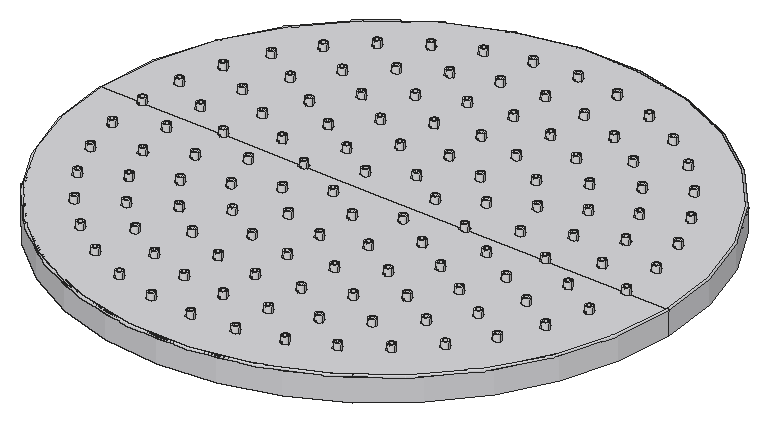
Revit family "Shower-Showerhead-KOHLER-Rainforest-K-18359IN", category Plumbing Fixtures, host Face, Revit 2017 (continued)
Definition of nested family "K-18359IN"
  Lines and regions (in)
    symbolic lines, detail levels medium+fine
      curve 232: arc (2.39412, 1.4176, 0) -> (2.45514, 1.35657, 0) -> (2.51617, 1.4176, 0) r 0.06102
      curve 233: arc (2.37877, 1.4176, 0) -> (2.45514, 1.34122, 0) -> (2.53152, 1.4176, 0) r 0.07638
      curve 234: arc (3.13042, 1.77223, 0) -> (3.06939, 1.83325, 0) -> (3.00837, 1.77223, 0) r 0.06102
      curve 235: arc (3.14577, 1.77223, 0) -> (3.06939, 1.84861, 0) -> (2.99301, 1.77223, 0) r 0.07638
      curve 236: arc (3.03002, 1.77223, 0) -> (3.06939, 1.8116, 0) -> (3.10876, 1.77223, 0) r 0.03937
      curve 237: arc (3.10876, 1.77223, 0) -> (3.06939, 1.73286, 0) -> (3.03002, 1.77223, 0) r 0.03937
      curve 238: arc (3.00837, 1.77223, 0) -> (3.06939, 1.71121, 0) -> (3.13042, 1.77223, 0) r 0.06102
      curve 239: arc (2.99301, 1.77223, 0) -> (3.06939, 1.69585, 0) -> (3.14577, 1.77223, 0) r 0.07638
      curve 240: arc (3.7265, 2.12888, 0) -> (3.68713, 2.08951, 0) -> (3.64776, 2.12888, 0) r 0.03937
      curve 241: arc (3.64776, 2.12888, 0) -> (3.68713, 2.16825, 0) -> (3.7265, 2.12888, 0) r 0.03937
      curve 242: arc (3.74816, 2.12888, 0) -> (3.68713, 2.18991, 0) -> (3.62611, 2.12888, 0) r 0.06102
      curve 243: arc (3.76351, 2.12888, 0) -> (3.68713, 2.20526, 0) -> (3.61076, 2.12888, 0) r 0.07638
      curve 244: arc (3.62611, 2.12888, 0) -> (3.68713, 2.06786, 0) -> (3.74816, 2.12888, 0) r 0.06102
      curve 245: arc (3.61076, 2.12888, 0) -> (3.68713, 2.05251, 0) -> (3.76351, 2.12888, 0) r 0.07638
      curve 246: arc (0.66531, 1.22729, 0) -> (0.70468, 1.26666, 0) -> (0.74405, 1.22729, 0) r 0.03937
      curve 247: arc (0.74405, 1.22729, 0) -> (0.70468, 1.18792, 0) -> (0.66531, 1.22729, 0) r 0.03937
      curve 248: arc (0.7657, 1.22729, 0) -> (0.70468, 1.28831, 0) -> (0.64365, 1.22729, 0) r 0.06102
      curve 249: arc (0.78105, 1.22729, 0) -> (0.70468, 1.30367, 0) -> (0.6283, 1.22729, 0) r 0.07638
      curve 250: arc (0.64365, 1.22729, 0) -> (0.70468, 1.16627, 0) -> (0.7657, 1.22729, 0) r 0.06102
      curve 251: arc (0.6283, 1.22729, 0) -> (0.70468, 1.15091, 0) -> (0.78105, 1.22729, 0) r 0.07638
      curve 252: arc (1.40723, 1.62577, 0) -> (1.36786, 1.5864, 0) -> (1.32849, 1.62577, 0) r 0.03937
      curve 253: arc (1.30683, 1.62577, 0) -> (1.36786, 1.56475, 0) -> (1.42888, 1.62577, 0) r 0.06102
      curve 254: arc (1.29148, 1.62577, 0) -> (1.36786, 1.54939, 0) -> (1.44424, 1.62577, 0) r 0.07638
      curve 255: arc (1.32849, 1.62577, 0) -> (1.36786, 1.66514, 0) -> (1.40723, 1.62577, 0) r 0.03937
      curve 256: arc (1.42888, 1.62577, 0) -> (1.36786, 1.68679, 0) -> (1.30683, 1.62577, 0) r 0.06102
      curve 257: arc (1.44424, 1.62577, 0) -> (1.36786, 1.70215, 0) -> (1.29148, 1.62577, 0) r 0.07638
      curve 258: arc (0.78691, 1.99697, 0) -> (0.72589, 2.05799, 0) -> (0.66486, 1.99697, 0) r 0.06102
      curve 259: arc (0.68652, 1.99697, 0) -> (0.72589, 2.03634, 0) -> (0.76526, 1.99697, 0) r 0.03937
      curve 260: arc (0.76526, 1.99697, 0) -> (0.72589, 1.9576, 0) -> (0.68652, 1.99697, 0) r 0.03937
      curve 261: arc (0.66486, 1.99697, 0) -> (0.72589, 1.93595, 0) -> (0.78691, 1.99697, 0) r 0.06102
      curve 262: arc (0.64951, 1.99697, 0) -> (0.72589, 1.92059, 0) -> (0.80227, 1.99697, 0) r 0.07638
      curve 263: arc (1.37586, 2.45129, 0) -> (1.41523, 2.49066, 0) -> (1.4546, 2.45129, 0) r 0.03937
      curve 264: arc (1.47625, 2.45129, 0) -> (1.41523, 2.51231, 0) -> (1.3542, 2.45129, 0) r 0.06102
      curve 265: arc (1.49161, 2.45129, 0) -> (1.41523, 2.52767, 0) -> (1.33885, 2.45129, 0) r 0.07638
      curve 266: arc (1.4546, 2.45129, 0) -> (1.41523, 2.41192, 0) -> (1.37586, 2.45129, 0) r 0.03937
      curve 267: arc (1.3542, 2.45129, 0) -> (1.41523, 2.39027, 0) -> (1.47625, 2.45129, 0) r 0.06102
      curve 268: arc (1.33885, 2.45129, 0) -> (1.41523, 2.37491, 0) -> (1.49161, 2.45129, 0) r 0.07638
      curve 269: arc (1.96429, 2.0078, 0) -> (2.00366, 2.04717, 0) -> (2.04303, 2.0078, 0) r 0.03937
      curve 270: arc (2.06469, 2.0078, 0) -> (2.00366, 2.06882, 0) -> (1.94264, 2.0078, 0) r 0.06102
      curve 271: arc (2.08004, 2.0078, 0) -> (2.00366, 2.08418, 0) -> (1.92729, 2.0078, 0) r 0.07638
      curve 272: arc (2.04303, 2.0078, 0) -> (2.00366, 1.96843, 0) -> (1.96429, 2.0078, 0) r 0.03937
      curve 273: arc (1.94264, 2.0078, 0) -> (2.00366, 1.94678, 0) -> (2.06469, 2.0078, 0) r 0.06102
      curve 274: arc (1.92729, 2.0078, 0) -> (2.00366, 1.93142, 0) -> (2.08004, 2.0078, 0) r 0.07638
      curve 275: arc (3.30082, 2.73398, 0) -> (3.26145, 2.69461, 0) -> (3.22208, 2.73398, 0) r 0.03937
      curve 276: arc (3.20043, 2.73398, 0) -> (3.26145, 2.67296, 0) -> (3.32247, 2.73398, 0) r 0.06102
      curve 277: arc (3.18507, 2.73398, 0) -> (3.26145, 2.65761, 0) -> (3.33783, 2.73398, 0) r 0.07638
      curve 278: arc (3.22208, 2.73398, 0) -> (3.26145, 2.77335, 0) -> (3.30082, 2.73398, 0) r 0.03937
      curve 279: arc (3.32247, 2.73398, 0) -> (3.26145, 2.79501, 0) -> (3.20043, 2.73398, 0) r 0.06102
      curve 280: arc (3.33783, 2.73398, 0) -> (3.26145, 2.81036, 0) -> (3.18507, 2.73398, 0) r 0.07638
      curve 281: arc (2.59362, 2.37114, 0) -> (2.63299, 2.41051, 0) -> (2.67236, 2.37114, 0) r 0.03937
      curve 282: arc (2.69401, 2.37114, 0) -> (2.63299, 2.43216, 0) -> (2.57197, 2.37114, 0) r 0.06102
      curve 283: arc (2.70937, 2.37114, 0) -> (2.63299, 2.44752, 0) -> (2.55661, 2.37114, 0) r 0.07638
      curve 284: arc (2.67236, 2.37114, 0) -> (2.63299, 2.33177, 0) -> (2.59362, 2.37114, 0) r 0.03937
      curve 285: arc (2.57197, 2.37114, 0) -> (2.63299, 2.31012, 0) -> (2.69401, 2.37114, 0) r 0.06102
      curve 286: arc (2.55661, 2.37114, 0) -> (2.63299, 2.29476, 0) -> (2.70937, 2.37114, 0) r 0.07638
      curve 287: arc (2.65869, 3.26036, 0) -> (2.73507, 3.18399, 0) -> (2.81145, 3.26036, 0) r 0.07638
      curve 288: arc (2.67405, 3.26036, 0) -> (2.73507, 3.19934, 0) -> (2.79609, 3.26036, 0) r 0.06102
      curve 289: arc (2.77444, 3.26036, 0) -> (2.73507, 3.22099, 0) -> (2.6957, 3.26036, 0) r 0.03937
      curve 290: arc (2.6957, 3.26036, 0) -> (2.73507, 3.29973, 0) -> (2.77444, 3.26036, 0) r 0.03937
      curve 291: arc (2.79609, 3.26036, 0) -> (2.73507, 3.32139, 0) -> (2.67405, 3.26036, 0) r 0.06102
      curve 292: arc (2.81145, 3.26036, 0) -> (2.73507, 3.33674, 0) -> (2.65869, 3.26036, 0) r 0.07638
      curve 293: arc (2.04361, 2.86855, 0) -> (2.08298, 2.90792, 0) -> (2.12235, 2.86855, 0) r 0.03937
      curve 294: arc (2.14401, 2.86855, 0) -> (2.08298, 2.92957, 0) -> (2.02196, 2.86855, 0) r 0.06102
      curve 295: arc (2.15936, 2.86855, 0) -> (2.08298, 2.94493, 0) -> (2.0066, 2.86855, 0) r 0.07638
      curve 296: arc (2.12235, 2.86855, 0) -> (2.08298, 2.82918, 0) -> (2.04361, 2.86855, 0) r 0.03937
      curve 297: arc (2.02196, 2.86855, 0) -> (2.08298, 2.80753, 0) -> (2.14401, 2.86855, 0) r 0.06102
      curve 298: arc (2.0066, 2.86855, 0) -> (2.08298, 2.79217, 0) -> (2.15936, 2.86855, 0) r 0.07638
      curve 299: arc (1.48315, 3.24039, 0) -> (1.44378, 3.20102, 0) -> (1.40441, 3.24039, 0) r 0.03937
      curve 300: arc (1.3674, 3.24039, 0) -> (1.44378, 3.16402, 0) -> (1.52016, 3.24039, 0) r 0.07638
      curve 301: arc (1.3674, 3.24039, 0) -> (1.44378, 3.16402, 0) -> (1.52016, 3.24039, 0) r 0.07638
      curve 302: arc (1.38276, 3.24039, 0) -> (1.44378, 3.17937, 0) -> (1.5048, 3.24039, 0) r 0.06102
      curve 303: arc (1.40441, 3.24039, 0) -> (1.44378, 3.27976, 0) -> (1.48315, 3.24039, 0) r 0.03937
      curve 304: arc (1.5048, 3.24039, 0) -> (1.44378, 3.30142, 0) -> (1.38276, 3.24039, 0) r 0.06102
      curve 305: arc (1.52016, 3.24039, 0) -> (1.44378, 3.31677, 0) -> (1.3674, 3.24039, 0) r 0.07638
      curve 306: arc (2.09002, 3.68452, 0) -> (2.12939, 3.72389, 0) -> (2.16876, 3.68452, 0) r 0.03937
      curve 307: arc (2.16876, 3.68452, 0) -> (2.12939, 3.64515, 0) -> (2.09002, 3.68452, 0) r 0.03937
      curve 308: arc (2.06836, 3.68452, 0) -> (2.12939, 3.6235, 0) -> (2.19041, 3.68452, 0) r 0.06102
      curve 309: arc (2.05301, 3.68452, 0) -> (2.12939, 3.60815, 0) -> (2.20576, 3.68452, 0) r 0.07638
      curve 310: arc (2.19041, 3.68452, 0) -> (2.12939, 3.74555, 0) -> (2.06836, 3.68452, 0) r 0.06102
      curve 311: arc (2.20576, 3.68452, 0) -> (2.12939, 3.7609, 0) -> (2.05301, 3.68452, 0) r 0.07638
      curve 312: arc (1.4936, 3.99936, 0) -> (1.45423, 3.95999, 0) -> (1.41486, 3.99936, 0) r 0.03937
      curve 313: arc (1.37785, 3.99936, 0) -> (1.45423, 3.92298, 0) -> (1.53061, 3.99936, 0) r 0.07638
      curve 314: arc (1.37785, 3.99936, 0) -> (1.45423, 3.92298, 0) -> (1.53061, 3.99936, 0) r 0.07638
      curve 315: arc (1.41486, 3.99936, 0) -> (1.45423, 4.03873, 0) -> (1.4936, 3.99936, 0) r 0.03937
      curve 316: arc (1.53061, 3.99936, 0) -> (1.45423, 4.07573, 0) -> (1.37785, 3.99936, 0) r 0.07638
      curve 317: arc (1.51525, 3.99936, 0) -> (1.45423, 4.06038, 0) -> (1.3932, 3.99936, 0) r 0.06102
      curve 318: arc (1.3932, 3.99936, 0) -> (1.45423, 3.93833, 0) -> (1.51525, 3.99936, 0) r 0.06102
      curve 319: arc (0.69977, 4.19096, 0) -> (0.73914, 4.23033, 0) -> (0.77851, 4.19096, 0) r 0.03937
      curve 320: arc (0.80016, 4.19096, 0) -> (0.73914, 4.25199, 0) -> (0.67812, 4.19096, 0) r 0.06102
      curve 321: arc (0.81552, 4.19096, 0) -> (0.73914, 4.26734, 0) -> (0.66276, 4.19096, 0) r 0.07638
      curve 322: arc (0.77851, 4.19096, 0) -> (0.73914, 4.15159, 0) -> (0.69977, 4.19096, 0) r 0.03937
      curve 323: arc (0.67812, 4.19096, 0) -> (0.73914, 4.12994, 0) -> (0.80016, 4.19096, 0) r 0.06102
      curve 324: arc (0.66276, 4.19096, 0) -> (0.73914, 4.11459, 0) -> (0.81552, 4.19096, 0) r 0.07638
      curve 325: arc (0.69977, 3.46971, 0) -> (0.73914, 3.50908, 0) -> (0.77851, 3.46971, 0) r 0.03937
      curve 326: arc (0.80016, 3.46971, 0) -> (0.73914, 3.53073, 0) -> (0.67812, 3.46971, 0) r 0.06102
      curve 327: arc (0.81552, 3.46971, 0) -> (0.73914, 3.54609, 0) -> (0.66276, 3.46971, 0) r 0.07638
      curve 328: arc (0.77851, 3.46971, 0) -> (0.73914, 3.43034, 0) -> (0.69977, 3.46971, 0) r 0.03937
      curve 329: arc (0.67812, 3.46971, 0) -> (0.73914, 3.40868, 0) -> (0.80016, 3.46971, 0) r 0.06102
      curve 330: arc (0.66276, 3.46971, 0) -> (0.73914, 3.39333, 0) -> (0.81552, 3.46971, 0) r 0.07638
      curve 331: arc (0.77038, 2.74131, 0) -> (0.73101, 2.70194, 0) -> (0.69164, 2.74131, 0) r 0.03937
      curve 332: arc (0.66998, 2.74131, 0) -> (0.73101, 2.68028, 0) -> (0.79203, 2.74131, 0) r 0.06102
      curve 333: arc (0.65463, 2.74131, 0) -> (0.73101, 2.66493, 0) -> (0.80738, 2.74131, 0) r 0.07638
      curve 334: arc (0.69164, 2.74131, 0) -> (0.73101, 2.78068, 0) -> (0.77038, 2.74131, 0) r 0.03937
      curve 335: arc (0.79203, 2.74131, 0) -> (0.73101, 2.80233, 0) -> (0.66998, 2.74131, 0) r 0.06102
      curve 336: arc (0.80738, 2.74131, 0) -> (0.73101, 2.81768, 0) -> (0.65463, 2.74131, 0) r 0.07638
      curve 337: arc (-0.06102, 3.54443, 0) -> (0, 3.48341, 0) -> (0.06102, 3.54443, 0) r 0.06102
      curve 338: arc (2.79283, 0, 0) -> (2.8322, 0.03937, 0) -> (2.87157, 0, 0) r 0.03937
      curve 339: arc (2.87157, 0, 0) -> (2.8322, -0.03937, 0) -> (2.79283, 0, 0) r 0.03937
      curve 340: arc (0.74405, 1.22729, 0) -> (0.70468, 1.18792, 0) -> (0.66531, 1.22729, 0) r 0.03937
      curve 341: arc (0.07638, -4.2521, 0) -> (0, -4.32848, 0) -> (-0.07638, -4.2521, 0) r 0.07638
      curve 342: arc (0.06102, -4.2521, 0) -> (0, -4.31313, 0) -> (-0.06102, -4.2521, 0) r 0.06102
      curve 343: arc (-0.03937, -4.2521, 0) -> (0, -4.29147, 0) -> (0.03937, -4.2521, 0) r 0.03937
      curve 344: arc (0.03937, -4.2521, 0) -> (0, -4.21273, 0) -> (-0.03937, -4.2521, 0) r 0.03937
      curve 345: arc (-0.06102, -4.2521, 0) -> (0, -4.19108, 0) -> (0.06102, -4.2521, 0) r 0.06102
      curve 346: arc (-0.07638, -4.2521, 0) -> (0, -4.17573, 0) -> (0.07638, -4.2521, 0) r 0.07638
      curve 347: arc (0.06102, -3.54443, 0) -> (0, -3.60546, 0) -> (-0.06102, -3.54443, 0) r 0.06102
      curve 348: arc (0.07638, -3.54443, 0) -> (0, -3.62081, 0) -> (-0.07638, -3.54443, 0) r 0.07638
      curve 349: arc (-0.03937, -3.54443, 0) -> (0.0126, -3.58173, 0) -> (0.03131, -3.52056, 0) r 0.03937
      curve 350: arc (-0.07638, -3.54443, 0) -> (0, -3.46806, 0) -> (0.07638, -3.54443, 0) r 0.07638
      curve 351: arc (0.03937, -3.54443, 0) -> (0, -3.50506, 0) -> (-0.03937, -3.54443, 0) r 0.03937
      curve 352: arc (0.07638, -2.83762, 0) -> (0, -2.914, 0) -> (-0.07638, -2.83762, 0) r 0.07638
      curve 353: arc (0.06102, -2.83762, 0) -> (0, -2.89864, 0) -> (-0.06102, -2.83762, 0) r 0.06102
      curve 354: arc (-0.03937, -2.83762, 0) -> (0, -2.87699, 0) -> (0.03937, -2.83762, 0) r 0.03937
      curve 355: arc (0.03937, -2.83762, 0) -> (0, -2.79825, 0) -> (-0.03937, -2.83762, 0) r 0.03937
      curve 356: arc (-0.06102, -2.83762, 0) -> (0, -2.7766, 0) -> (0.06102, -2.83762, 0) r 0.06102
      curve 357: arc (-0.07638, -2.83762, 0) -> (0, -2.76124, 0) -> (0.07638, -2.83762, 0) r 0.07638
      curve 358: arc (0.07638, -2.12687, 0) -> (0, -2.20325, 0) -> (-0.07638, -2.12687, 0) r 0.07638
      curve 359: arc (0.07638, -2.12687, 0) -> (0, -2.20325, 0) -> (-0.07638, -2.12687, 0) r 0.07638
      curve 360: arc (-0.03937, -2.12687, 0) -> (0, -2.16624, 0) -> (0.03937, -2.12687, 0) r 0.03937
      curve 361: arc (0.03937, -2.12687, 0) -> (0, -2.0875, 0) -> (-0.03937, -2.12687, 0) r 0.03937
      curve 362: arc (-0.07638, -2.12687, 0) -> (0, -2.05049, 0) -> (0.07638, -2.12687, 0) r 0.07638
      curve 363: arc (-0.06102, -2.12687, 0) -> (0, -2.06585, 0) -> (0.06102, -2.12687, 0) r 0.06102
      curve 364: arc (0.06102, -2.12687, 0) -> (0, -2.1879, 0) -> (-0.06102, -2.12687, 0) r 0.06102
      curve 365: arc (0.03937, -1.41877, 0) -> (0, -1.3794, 0) -> (-0.03937, -1.41877, 0) r 0.03937
      curve 366: arc (-0.03937, -1.41877, 0) -> (0, -1.45814, 0) -> (0.03937, -1.41877, 0) r 0.03937
      curve 367: arc (0.06102, -1.41877, 0) -> (0, -1.47979, 0) -> (-0.06102, -1.41877, 0) r 0.06102
      curve 368: arc (0.07638, -1.41877, 0) -> (0, -1.49515, 0) -> (-0.07638, -1.41877, 0) r 0.07638
      curve 369: arc (-0.07638, -1.41877, 0) -> (0, -1.34239, 0) -> (0.07638, -1.41877, 0) r 0.07638
      curve 370: arc (-0.06102, -1.41877, 0) -> (0, -1.35775, 0) -> (0.06102, -1.41877, 0) r 0.06102
      curve 371: arc (-0.03937, -0.70953, 0) -> (0, -0.7489, 0) -> (0.03937, -0.70953, 0) r 0.03937
      curve 372: arc (0.03937, -0.70953, 0) -> (0, -0.67016, 0) -> (-0.03937, -0.70953, 0) r 0.03937
      curve 373: arc (0.06102, -0.70953, 0) -> (0, -0.77056, 0) -> (-0.06102, -0.70953, 0) r 0.06102
      curve 374: arc (0.07638, -0.70953, 0) -> (0, -0.78591, 0) -> (-0.07638, -0.70953, 0) r 0.07638
      curve 375: arc (-0.06102, -0.70953, 0) -> (0, -0.64851, 0) -> (0.06102, -0.70953, 0) r 0.06102
      curve 376: arc (-0.07638, -0.70953, 0) -> (0, -0.63316, 0) -> (0.07638, -0.70953, 0) r 0.07638
      curve 377: arc (-0.06102, -3.54443, 0) -> (0, -3.48341, 0) -> (0.06102, -3.54443, 0) r 0.06102
      curve 378: arc (-0.80227, 1.99697, 0) -> (-0.72589, 2.07335, 0) -> (-0.64951, 1.99697, 0) r 0.07638
      curve 379: arc (-3.48644, 0.373, 0) -> (-3.52581, 0.41237, 0) -> (-3.56518, 0.373, 0) r 0.03937
      curve 380: arc (-3.56518, 0.373, 0) -> (-3.52581, 0.33363, 0) -> (-3.48644, 0.373, 0) r 0.03937
      curve 381: arc (-3.58684, 0.373, 0) -> (-3.52581, 0.43402, 0) -> (-3.46479, 0.373, 0) r 0.06102
      curve 382: arc (-3.60219, 0.373, 0) -> (-3.52581, 0.44938, 0) -> (-3.44943, 0.373, 0) r 0.07638
      curve 383: arc (-3.46479, 0.373, 0) -> (-3.52581, 0.31198, 0) -> (-3.58684, 0.373, 0) r 0.06102
      curve 384: arc (-3.44943, 0.373, 0) -> (-3.52581, 0.29662, 0) -> (-3.60219, 0.373, 0) r 0.07638
      curve 385: arc (-4.15086, 0.74002, 0) -> (-4.19023, 0.77939, 0) -> (-4.2296, 0.74002, 0) r 0.03937
      curve 386: arc (-4.25125, 0.74002, 0) -> (-4.19023, 0.80104, 0) -> (-4.12921, 0.74002, 0) r 0.06102
      curve 387: arc (-4.26661, 0.74002, 0) -> (-4.19023, 0.8164, 0) -> (-4.11385, 0.74002, 0) r 0.07638
      curve 388: arc (-4.2296, 0.74002, 0) -> (-4.19023, 0.70065, 0) -> (-4.15086, 0.74002, 0) r 0.03937
      curve 389: arc (-4.12921, 0.74002, 0) -> (-4.19023, 0.67899, 0) -> (-4.25125, 0.74002, 0) r 0.06102
      curve 390: arc (-4.11385, 0.74002, 0) -> (-4.19023, 0.66364, 0) -> (-4.26661, 0.74002, 0) r 0.07638
      curve 391: arc (-3.95918, 1.45536, 0) -> (-3.99855, 1.49473, 0) -> (-4.03792, 1.45536, 0) r 0.03937
      curve 392: arc (-4.07493, 1.45536, 0) -> (-3.99855, 1.53174, 0) -> (-3.92218, 1.45536, 0) r 0.07638
      curve 393: arc (-4.07493, 1.45536, 0) -> (-3.99855, 1.53174, 0) -> (-3.92218, 1.45536, 0) r 0.07638
      curve 394: arc (-4.05958, 1.45536, 0) -> (-3.99855, 1.51639, 0) -> (-3.93753, 1.45536, 0) r 0.06102
      curve 395: arc (-4.03792, 1.45536, 0) -> (-3.99855, 1.41599, 0) -> (-3.95918, 1.45536, 0) r 0.03937
      curve 396: arc (-3.93753, 1.45536, 0) -> (-3.99855, 1.39434, 0) -> (-4.05958, 1.45536, 0) r 0.06102
      curve 397: arc (-3.92218, 1.45536, 0) -> (-3.99855, 1.37898, 0) -> (-4.07493, 1.45536, 0) r 0.07638
      curve 398: arc (-3.40889, 1.09219, 0) -> (-3.36952, 1.05282, 0) -> (-3.33015, 1.09219, 0) r 0.03937
      curve 399: arc (-3.33015, 1.09219, 0) -> (-3.36952, 1.13156, 0) -> (-3.40889, 1.09219, 0) r 0.03937
      curve 400: arc (-3.43054, 1.09219, 0) -> (-3.36952, 1.15321, 0) -> (-3.3085, 1.09219, 0) r 0.06102
      curve 401: arc (-3.4459, 1.09219, 0) -> (-3.36952, 1.16857, 0) -> (-3.29314, 1.09219, 0) r 0.07638
      curve 402: arc (-3.3085, 1.09219, 0) -> (-3.36952, 1.03117, 0) -> (-3.43054, 1.09219, 0) r 0.06102
      curve 403: arc (-3.29314, 1.09219, 0) -> (-3.36952, 1.01581, 0) -> (-3.4459, 1.09219, 0) r 0.07638
      curve 404: arc (-2.81126, 0.7404, 0) -> (-2.73488, 0.81678, 0) -> (-2.6585, 0.7404, 0) r 0.07638
      curve 405: arc (-2.7959, 0.7404, 0) -> (-2.73488, 0.80143, 0) -> (-2.67386, 0.7404, 0) r 0.06102
      curve 406: arc (-2.69551, 0.7404, 0) -> (-2.73488, 0.77977, 0) -> (-2.77425, 0.7404, 0) r 0.03937
      curve 407: arc (-2.77425, 0.7404, 0) -> (-2.73488, 0.70103, 0) -> (-2.69551, 0.7404, 0) r 0.03937
      curve 408: arc (-2.67386, 0.7404, 0) -> (-2.73488, 0.67938, 0) -> (-2.7959, 0.7404, 0) r 0.06102
      curve 409: arc (-2.6585, 0.7404, 0) -> (-2.73488, 0.66402, 0) -> (-2.81126, 0.7404, 0) r 0.07638
      curve 410: arc (-2.05406, 0.37006, 0) -> (-2.09343, 0.40943, 0) -> (-2.1328, 0.37006, 0) r 0.03937
      curve 411: arc (-2.1328, 0.37006, 0) -> (-2.09343, 0.33069, 0) -> (-2.05406, 0.37006, 0) r 0.03937
      curve 412: arc (-2.15446, 0.37006, 0) -> (-2.09343, 0.43109, 0) -> (-2.03241, 0.37006, 0) r 0.06102
      curve 413: arc (-2.16981, 0.37006, 0) -> (-2.09343, 0.44644, 0) -> (-2.01706, 0.37006, 0) r 0.07638
      curve 414: arc (-2.03241, 0.37006, 0) -> (-2.09343, 0.30904, 0) -> (-2.15446, 0.37006, 0) r 0.06102
      curve 415: arc (-2.01706, 0.37006, 0) -> (-2.09343, 0.29369, 0) -> (-2.16981, 0.37006, 0) r 0.07638
      curve 416: arc (-0.57352, 0.35397, 0) -> (-0.61289, 0.39334, 0) -> (-0.65226, 0.35397, 0) r 0.03937
      curve 417: arc (-0.65226, 0.35397, 0) -> (-0.61289, 0.3146, 0) -> (-0.57352, 0.35397, 0) r 0.03937
      curve 418: arc (-0.67391, 0.35397, 0) -> (-0.61289, 0.41499, 0) -> (-0.55186, 0.35397, 0) r 0.06102
      curve 419: arc (-0.55186, 0.35397, 0) -> (-0.61289, 0.29294, 0) -> (-0.67391, 0.35397, 0) r 0.06102
      curve 420: arc (-0.68926, 0.35397, 0) -> (-0.61289, 0.43034, 0) -> (-0.53651, 0.35397, 0) r 0.07638
      curve 421: arc (-0.53651, 0.35397, 0) -> (-0.61289, 0.27759, 0) -> (-0.68926, 0.35397, 0) r 0.07638
      curve 422: arc (-1.18794, 0.7087, 0) -> (-1.22731, 0.74807, 0) -> (-1.26668, 0.7087, 0) r 0.03937
      curve 423: arc (-1.26668, 0.7087, 0) -> (-1.22731, 0.66933, 0) -> (-1.18794, 0.7087, 0) r 0.03937
      curve 424: arc (-1.28833, 0.7087, 0) -> (-1.22731, 0.76973, 0) -> (-1.16629, 0.7087, 0) r 0.06102
      curve 425: arc (-1.16629, 0.7087, 0) -> (-1.22731, 0.64768, 0) -> (-1.28833, 0.7087, 0) r 0.06102
      curve 426: arc (-1.30369, 0.7087, 0) -> (-1.22731, 0.78508, 0) -> (-1.15093, 0.7087, 0) r 0.07638
      curve 427: arc (-1.15093, 0.7087, 0) -> (-1.22731, 0.63233, 0) -> (-1.30369, 0.7087, 0) r 0.07638
      curve 428: arc (-1.80273, 1.06365, 0) -> (-1.8421, 1.10302, 0) -> (-1.88147, 1.06365, 0) r 0.03937
      curve 429: arc (-1.88147, 1.06365, 0) -> (-1.8421, 1.02428, 0) -> (-1.80273, 1.06365, 0) r 0.03937
      curve 430: arc (-1.90312, 1.06365, 0) -> (-1.8421, 1.12468, 0) -> (-1.78108, 1.06365, 0) r 0.06102
      curve 431: arc (-1.78108, 1.06365, 0) -> (-1.8421, 1.00263, 0) -> (-1.90312, 1.06365, 0) r 0.06102
      curve 432: arc (-1.76572, 1.06365, 0) -> (-1.8421, 0.98728, 0) -> (-1.91848, 1.06365, 0) r 0.07638
      curve 433: arc (-1.91848, 1.06365, 0) -> (-1.8421, 1.14003, 0) -> (-1.76572, 1.06365, 0) r 0.07638
      curve 434: arc (-2.41577, 1.4176, 0) -> (-2.45514, 1.45697, 0) -> (-2.49451, 1.4176, 0) r 0.03937
      curve 435: arc (-2.51617, 1.4176, 0) -> (-2.45514, 1.47862, 0) -> (-2.39412, 1.4176, 0) r 0.06102
      curve 436: arc (-2.53152, 1.4176, 0) -> (-2.45514, 1.49397, 0) -> (-2.37877, 1.4176, 0) r 0.07638
      curve 437: arc (-2.49451, 1.4176, 0) -> (-2.45514, 1.37823, 0) -> (-2.41577, 1.4176, 0) r 0.03937
      curve 438: arc (-2.39412, 1.4176, 0) -> (-2.45514, 1.35657, 0) -> (-2.51617, 1.4176, 0) r 0.06102
      curve 439: arc (-2.37877, 1.4176, 0) -> (-2.45514, 1.34122, 0) -> (-2.53152, 1.4176, 0) r 0.07638
      curve 440: arc (-3.13042, 1.77223, 0) -> (-3.06939, 1.83325, 0) -> (-3.00837, 1.77223, 0) r 0.06102
      curve 441: arc (-3.14577, 1.77223, 0) -> (-3.06939, 1.84861, 0) -> (-2.99301, 1.77223, 0) r 0.07638
      curve 442: arc (-3.03002, 1.77223, 0) -> (-3.06939, 1.8116, 0) -> (-3.10876, 1.77223, 0) r 0.03937
      curve 443: arc (-3.10876, 1.77223, 0) -> (-3.06939, 1.73286, 0) -> (-3.03002, 1.77223, 0) r 0.03937
      curve 444: arc (-3.00837, 1.77223, 0) -> (-3.06939, 1.71121, 0) -> (-3.13042, 1.77223, 0) r 0.06102
      curve 445: arc (-2.99301, 1.77223, 0) -> (-3.06939, 1.69585, 0) -> (-3.14577, 1.77223, 0) r 0.07638
      curve 446: arc (-3.7265, 2.12888, 0) -> (-3.68713, 2.08951, 0) -> (-3.64776, 2.12888, 0) r 0.03937
      curve 447: arc (-3.64776, 2.12888, 0) -> (-3.68713, 2.16825, 0) -> (-3.7265, 2.12888, 0) r 0.03937
      curve 448: arc (-3.74816, 2.12888, 0) -> (-3.68713, 2.18991, 0) -> (-3.62611, 2.12888, 0) r 0.06102
      curve 449: arc (-3.76351, 2.12888, 0) -> (-3.68713, 2.20526, 0) -> (-3.61076, 2.12888, 0) r 0.07638
      curve 450: arc (-3.62611, 2.12888, 0) -> (-3.68713, 2.06786, 0) -> (-3.74816, 2.12888, 0) r 0.06102
      curve 451: arc (-3.61076, 2.12888, 0) -> (-3.68713, 2.05251, 0) -> (-3.76351, 2.12888, 0) r 0.07638
      curve 452: arc (-0.66531, 1.22729, 0) -> (-0.70468, 1.26666, 0) -> (-0.74405, 1.22729, 0) r 0.03937
      curve 453: arc (-0.74405, 1.22729, 0) -> (-0.70468, 1.18792, 0) -> (-0.66531, 1.22729, 0) r 0.03937
      curve 454: arc (-0.7657, 1.22729, 0) -> (-0.70468, 1.28831, 0) -> (-0.64365, 1.22729, 0) r 0.06102
      curve 455: arc (-0.78105, 1.22729, 0) -> (-0.70468, 1.30367, 0) -> (-0.6283, 1.22729, 0) r 0.07638
      curve 456: arc (-0.64365, 1.22729, 0) -> (-0.70468, 1.16627, 0) -> (-0.7657, 1.22729, 0) r 0.06102
      curve 457: arc (-0.6283, 1.22729, 0) -> (-0.70468, 1.15091, 0) -> (-0.78105, 1.22729, 0) r 0.07638
      curve 458: arc (-1.40723, 1.62577, 0) -> (-1.36786, 1.5864, 0) -> (-1.32849, 1.62577, 0) r 0.03937
      curve 459: arc (-1.30683, 1.62577, 0) -> (-1.36786, 1.56475, 0) -> (-1.42888, 1.62577, 0) r 0.06102
      curve 460: arc (-1.29148, 1.62577, 0) -> (-1.36786, 1.54939, 0) -> (-1.44424, 1.62577, 0) r 0.07638
      curve 461: arc (-1.32849, 1.62577, 0) -> (-1.36786, 1.66514, 0) -> (-1.40723, 1.62577, 0) r 0.03937
      curve 462: arc (-1.42888, 1.62577, 0) -> (-1.36786, 1.68679, 0) -> (-1.30683, 1.62577, 0) r 0.06102
      curve 463: arc (-1.44424, 1.62577, 0) -> (-1.36786, 1.70215, 0) -> (-1.29148, 1.62577, 0) r 0.07638
      curve 464: arc (-0.78691, 1.99697, 0) -> (-0.72589, 2.05799, 0) -> (-0.66486, 1.99697, 0) r 0.06102
      curve 465: arc (-0.68652, 1.99697, 0) -> (-0.72589, 2.03634, 0) -> (-0.76526, 1.99697, 0) r 0.03937
      curve 466: arc (-0.76526, 1.99697, 0) -> (-0.72589, 1.9576, 0) -> (-0.68652, 1.99697, 0) r 0.03937
      curve 467: arc (-0.66486, 1.99697, 0) -> (-0.72589, 1.93595, 0) -> (-0.78691, 1.99697, 0) r 0.06102
      curve 468: arc (-0.64951, 1.99697, 0) -> (-0.72589, 1.92059, 0) -> (-0.80227, 1.99697, 0) r 0.07638
      curve 469: arc (-1.37586, 2.45129, 0) -> (-1.41523, 2.49066, 0) -> (-1.4546, 2.45129, 0) r 0.03937
      curve 470: arc (-1.47625, 2.45129, 0) -> (-1.41523, 2.51231, 0) -> (-1.3542, 2.45129, 0) r 0.06102
      curve 471: arc (-1.49161, 2.45129, 0) -> (-1.41523, 2.52767, 0) -> (-1.33885, 2.45129, 0) r 0.07638
      curve 472: arc (-1.4546, 2.45129, 0) -> (-1.41523, 2.41192, 0) -> (-1.37586, 2.45129, 0) r 0.03937
      curve 473: arc (-1.3542, 2.45129, 0) -> (-1.41523, 2.39027, 0) -> (-1.47625, 2.45129, 0) r 0.06102
      curve 474: arc (-1.33885, 2.45129, 0) -> (-1.41523, 2.37491, 0) -> (-1.49161, 2.45129, 0) r 0.07638
      curve 475: arc (-1.96429, 2.0078, 0) -> (-2.00366, 2.04717, 0) -> (-2.04303, 2.0078, 0) r 0.03937
      curve 476: arc (-2.06469, 2.0078, 0) -> (-2.00366, 2.06882, 0) -> (-1.94264, 2.0078, 0) r 0.06102
      curve 477: arc (-2.08004, 2.0078, 0) -> (-2.00366, 2.08418, 0) -> (-1.92729, 2.0078, 0) r 0.07638
      curve 478: arc (-2.04303, 2.0078, 0) -> (-2.00366, 1.96843, 0) -> (-1.96429, 2.0078, 0) r 0.03937
      curve 479: arc (-1.94264, 2.0078, 0) -> (-2.00366, 1.94678, 0) -> (-2.06469, 2.0078, 0) r 0.06102
      curve 480: arc (-1.92729, 2.0078, 0) -> (-2.00366, 1.93142, 0) -> (-2.08004, 2.0078, 0) r 0.07638
      curve 481: arc (-3.30082, 2.73398, 0) -> (-3.26145, 2.69461, 0) -> (-3.22208, 2.73398, 0) r 0.03937
      curve 482: arc (-3.20043, 2.73398, 0) -> (-3.26145, 2.67296, 0) -> (-3.32247, 2.73398, 0) r 0.06102
      curve 483: arc (-3.18507, 2.73398, 0) -> (-3.26145, 2.65761, 0) -> (-3.33783, 2.73398, 0) r 0.07638
      curve 484: arc (-3.22208, 2.73398, 0) -> (-3.26145, 2.77335, 0) -> (-3.30082, 2.73398, 0) r 0.03937
      curve 485: arc (-3.32247, 2.73398, 0) -> (-3.26145, 2.79501, 0) -> (-3.20043, 2.73398, 0) r 0.06102
      curve 486: arc (-3.33783, 2.73398, 0) -> (-3.26145, 2.81036, 0) -> (-3.18507, 2.73398, 0) r 0.07638
      curve 487: arc (-2.59362, 2.37114, 0) -> (-2.63299, 2.41051, 0) -> (-2.67236, 2.37114, 0) r 0.03937
      curve 488: arc (-2.69401, 2.37114, 0) -> (-2.63299, 2.43216, 0) -> (-2.57197, 2.37114, 0) r 0.06102
      curve 489: arc (-2.70937, 2.37114, 0) -> (-2.63299, 2.44752, 0) -> (-2.55661, 2.37114, 0) r 0.07638
      curve 490: arc (-2.67236, 2.37114, 0) -> (-2.63299, 2.33177, 0) -> (-2.59362, 2.37114, 0) r 0.03937
      curve 491: arc (-2.57197, 2.37114, 0) -> (-2.63299, 2.31012, 0) -> (-2.69401, 2.37114, 0) r 0.06102
      curve 492: arc (-2.55661, 2.37114, 0) -> (-2.63299, 2.29476, 0) -> (-2.70937, 2.37114, 0) r 0.07638
      curve 493: arc (-2.65869, 3.26036, 0) -> (-2.73507, 3.18399, 0) -> (-2.81145, 3.26036, 0) r 0.07638
      curve 494: arc (-2.67405, 3.26036, 0) -> (-2.73507, 3.19934, 0) -> (-2.79609, 3.26036, 0) r 0.06102
      curve 495: arc (-2.77444, 3.26036, 0) -> (-2.73507, 3.22099, 0) -> (-2.6957, 3.26036, 0) r 0.03937
      curve 496: arc (-2.6957, 3.26036, 0) -> (-2.73507, 3.29973, 0) -> (-2.77444, 3.26036, 0) r 0.03937
      curve 497: arc (-2.79609, 3.26036, 0) -> (-2.73507, 3.32139, 0) -> (-2.67405, 3.26036, 0) r 0.06102
      curve 498: arc (-2.81145, 3.26036, 0) -> (-2.73507, 3.33674, 0) -> (-2.65869, 3.26036, 0) r 0.07638
      curve 499: arc (-2.04361, 2.86855, 0) -> (-2.08298, 2.90792, 0) -> (-2.12235, 2.86855, 0) r 0.03937
      curve 500: arc (-2.14401, 2.86855, 0) -> (-2.08298, 2.92957, 0) -> (-2.02196, 2.86855, 0) r 0.06102
      curve 501: arc (-2.15936, 2.86855, 0) -> (-2.08298, 2.94493, 0) -> (-2.0066, 2.86855, 0) r 0.07638
      curve 502: arc (-2.12235, 2.86855, 0) -> (-2.08298, 2.82918, 0) -> (-2.04361, 2.86855, 0) r 0.03937
      curve 503: arc (-2.02196, 2.86855, 0) -> (-2.08298, 2.80753, 0) -> (-2.14401, 2.86855, 0) r 0.06102
      curve 504: arc (-2.0066, 2.86855, 0) -> (-2.08298, 2.79217, 0) -> (-2.15936, 2.86855, 0) r 0.07638
      curve 505: arc (-1.48315, 3.24039, 0) -> (-1.44378, 3.20102, 0) -> (-1.40441, 3.24039, 0) r 0.03937
      curve 506: arc (-1.3674, 3.24039, 0) -> (-1.44378, 3.16402, 0) -> (-1.52016, 3.24039, 0) r 0.07638
      curve 507: arc (-1.3674, 3.24039, 0) -> (-1.44378, 3.16402, 0) -> (-1.52016, 3.24039, 0) r 0.07638
      curve 508: arc (-1.38276, 3.24039, 0) -> (-1.44378, 3.17937, 0) -> (-1.5048, 3.24039, 0) r 0.06102
      curve 509: arc (-1.40441, 3.24039, 0) -> (-1.44378, 3.27976, 0) -> (-1.48315, 3.24039, 0) r 0.03937
      curve 510: arc (-1.5048, 3.24039, 0) -> (-1.44378, 3.30142, 0) -> (-1.38276, 3.24039, 0) r 0.06102
      curve 511: arc (-1.52016, 3.24039, 0) -> (-1.44378, 3.31677, 0) -> (-1.3674, 3.24039, 0) r 0.07638
      curve 512: arc (-2.09002, 3.68452, 0) -> (-2.12939, 3.72389, 0) -> (-2.16876, 3.68452, 0) r 0.03937
      curve 513: arc (-2.16876, 3.68452, 0) -> (-2.12939, 3.64515, 0) -> (-2.09002, 3.68452, 0) r 0.03937
      curve 514: arc (-2.06836, 3.68452, 0) -> (-2.12939, 3.6235, 0) -> (-2.19041, 3.68452, 0) r 0.06102
      curve 515: arc (-2.05301, 3.68452, 0) -> (-2.12939, 3.60815, 0) -> (-2.20576, 3.68452, 0) r 0.07638
      curve 516: arc (-2.19041, 3.68452, 0) -> (-2.12939, 3.74555, 0) -> (-2.06836, 3.68452, 0) r 0.06102
      curve 517: arc (-2.20576, 3.68452, 0) -> (-2.12939, 3.7609, 0) -> (-2.05301, 3.68452, 0) r 0.07638
      curve 518: arc (-1.4936, 3.99936, 0) -> (-1.45423, 3.95999, 0) -> (-1.41486, 3.99936, 0) r 0.03937
      curve 519: arc (-1.37785, 3.99936, 0) -> (-1.45423, 3.92298, 0) -> (-1.53061, 3.99936, 0) r 0.07638
      curve 520: arc (-1.37785, 3.99936, 0) -> (-1.45423, 3.92298, 0) -> (-1.53061, 3.99936, 0) r 0.07638
      curve 521: arc (-1.41486, 3.99936, 0) -> (-1.45423, 4.03873, 0) -> (-1.4936, 3.99936, 0) r 0.03937
      curve 522: arc (-1.53061, 3.99936, 0) -> (-1.45423, 4.07573, 0) -> (-1.37785, 3.99936, 0) r 0.07638
      curve 523: arc (-1.51525, 3.99936, 0) -> (-1.45423, 4.06038, 0) -> (-1.3932, 3.99936, 0) r 0.06102
      curve 524: arc (-1.3932, 3.99936, 0) -> (-1.45423, 3.93833, 0) -> (-1.51525, 3.99936, 0) r 0.06102
      curve 525: arc (-0.69977, 4.19096, 0) -> (-0.73914, 4.23033, 0) -> (-0.77851, 4.19096, 0) r 0.03937
      curve 526: arc (-0.80016, 4.19096, 0) -> (-0.73914, 4.25199, 0) -> (-0.67812, 4.19096, 0) r 0.06102
      curve 527: arc (-0.81552, 4.19096, 0) -> (-0.73914, 4.26734, 0) -> (-0.66276, 4.19096, 0) r 0.07638
      curve 528: arc (-0.77851, 4.19096, 0) -> (-0.73914, 4.15159, 0) -> (-0.69977, 4.19096, 0) r 0.03937
      curve 529: arc (-0.67812, 4.19096, 0) -> (-0.73914, 4.12994, 0) -> (-0.80016, 4.19096, 0) r 0.06102
      curve 530: arc (-0.66276, 4.19096, 0) -> (-0.73914, 4.11459, 0) -> (-0.81552, 4.19096, 0) r 0.07638
      curve 531: arc (-0.69977, 3.46971, 0) -> (-0.73914, 3.50908, 0) -> (-0.77851, 3.46971, 0) r 0.03937
      curve 532: arc (-0.80016, 3.46971, 0) -> (-0.73914, 3.53073, 0) -> (-0.67812, 3.46971, 0) r 0.06102
      curve 533: arc (-0.81552, 3.46971, 0) -> (-0.73914, 3.54609, 0) -> (-0.66276, 3.46971, 0) r 0.07638
      curve 534: arc (-0.77851, 3.46971, 0) -> (-0.73914, 3.43034, 0) -> (-0.69977, 3.46971, 0) r 0.03937
      curve 535: arc (-0.67812, 3.46971, 0) -> (-0.73914, 3.40868, 0) -> (-0.80016, 3.46971, 0) r 0.06102
      curve 536: arc (-0.66276, 3.46971, 0) -> (-0.73914, 3.39333, 0) -> (-0.81552, 3.46971, 0) r 0.07638
      curve 537: arc (-0.77038, 2.74131, 0) -> (-0.73101, 2.70194, 0) -> (-0.69164, 2.74131, 0) r 0.03937
      curve 538: arc (-0.66998, 2.74131, 0) -> (-0.73101, 2.68028, 0) -> (-0.79203, 2.74131, 0) r 0.06102
      curve 539: arc (-0.65463, 2.74131, 0) -> (-0.73101, 2.66493, 0) -> (-0.80738, 2.74131, 0) r 0.07638
      curve 540: arc (-0.69164, 2.74131, 0) -> (-0.73101, 2.78068, 0) -> (-0.77038, 2.74131, 0) r 0.03937
      curve 541: arc (-0.79203, 2.74131, 0) -> (-0.73101, 2.80233, 0) -> (-0.66998, 2.74131, 0) r 0.06102
      curve 542: arc (-0.80738, 2.74131, 0) -> (-0.73101, 2.81768, 0) -> (-0.65463, 2.74131, 0) r 0.07638
      curve 543: arc (-0.74405, 1.22729, 0) -> (-0.70468, 1.18792, 0) -> (-0.66531, 1.22729, 0) r 0.03937
      curve 544: arc (-0.80227, -1.99697, 0) -> (-0.72589, -2.07335, 0) -> (-0.64951, -1.99697, 0) r 0.07638
      curve 545: arc (-3.48644, -0.373, 0) -> (-3.52581, -0.41237, 0) -> (-3.56518, -0.373, 0) r 0.03937
      curve 546: arc (-3.56518, -0.373, 0) -> (-3.52581, -0.33363, 0) -> (-3.48644, -0.373, 0) r 0.03937
      curve 547: arc (-3.58684, -0.373, 0) -> (-3.52581, -0.43402, 0) -> (-3.46479, -0.373, 0) r 0.06102
      curve 548: arc (-3.60219, -0.373, 0) -> (-3.52581, -0.44938, 0) -> (-3.44943, -0.373, 0) r 0.07638
      curve 549: arc (-3.46479, -0.373, 0) -> (-3.52581, -0.31198, 0) -> (-3.58684, -0.373, 0) r 0.06102
      curve 550: arc (-3.44943, -0.373, 0) -> (-3.52581, -0.29662, 0) -> (-3.60219, -0.373, 0) r 0.07638
      curve 551: arc (-4.15086, -0.74002, 0) -> (-4.19023, -0.77939, 0) -> (-4.2296, -0.74002, 0) r 0.03937
      curve 552: arc (-4.25125, -0.74002, 0) -> (-4.19023, -0.80104, 0) -> (-4.12921, -0.74002, 0) r 0.06102
      curve 553: arc (-4.26661, -0.74002, 0) -> (-4.19023, -0.8164, 0) -> (-4.11385, -0.74002, 0) r 0.07638
      curve 554: arc (-4.2296, -0.74002, 0) -> (-4.19023, -0.70065, 0) -> (-4.15086, -0.74002, 0) r 0.03937
      curve 555: arc (-4.12921, -0.74002, 0) -> (-4.19023, -0.67899, 0) -> (-4.25125, -0.74002, 0) r 0.06102
      curve 556: arc (-4.11385, -0.74002, 0) -> (-4.19023, -0.66364, 0) -> (-4.26661, -0.74002, 0) r 0.07638
      curve 557: arc (-3.95918, -1.45536, 0) -> (-3.99855, -1.49473, 0) -> (-4.03792, -1.45536, 0) r 0.03937
      curve 558: arc (-4.07493, -1.45536, 0) -> (-3.99855, -1.53174, 0) -> (-3.92218, -1.45536, 0) r 0.07638
      curve 559: arc (-4.07493, -1.45536, 0) -> (-3.99855, -1.53174, 0) -> (-3.92218, -1.45536, 0) r 0.07638
      curve 560: arc (-4.05958, -1.45536, 0) -> (-3.99855, -1.51639, 0) -> (-3.93753, -1.45536, 0) r 0.06102
      curve 561: arc (-4.03792, -1.45536, 0) -> (-3.99855, -1.41599, 0) -> (-3.95918, -1.45536, 0) r 0.03937
      curve 562: arc (-3.93753, -1.45536, 0) -> (-3.99855, -1.39434, 0) -> (-4.05958, -1.45536, 0) r 0.06102
      curve 563: arc (-3.92218, -1.45536, 0) -> (-3.99855, -1.37898, 0) -> (-4.07493, -1.45536, 0) r 0.07638
      curve 564: arc (-3.40889, -1.09219, 0) -> (-3.36952, -1.05282, 0) -> (-3.33015, -1.09219, 0) r 0.03937
      curve 565: arc (-3.33015, -1.09219, 0) -> (-3.36952, -1.13156, 0) -> (-3.40889, -1.09219, 0) r 0.03937
      curve 566: arc (-3.43054, -1.09219, 0) -> (-3.36952, -1.15321, 0) -> (-3.3085, -1.09219, 0) r 0.06102
      curve 567: arc (-3.4459, -1.09219, 0) -> (-3.36952, -1.16857, 0) -> (-3.29314, -1.09219, 0) r 0.07638
      curve 568: arc (-3.3085, -1.09219, 0) -> (-3.36952, -1.03117, 0) -> (-3.43054, -1.09219, 0) r 0.06102
      curve 569: arc (-3.29314, -1.09219, 0) -> (-3.36952, -1.01581, 0) -> (-3.4459, -1.09219, 0) r 0.07638
      curve 570: arc (-2.81126, -0.7404, 0) -> (-2.73488, -0.81678, 0) -> (-2.6585, -0.7404, 0) r 0.07638
      curve 571: arc (-2.7959, -0.7404, 0) -> (-2.73488, -0.80143, 0) -> (-2.67386, -0.7404, 0) r 0.06102
      curve 572: arc (-2.69551, -0.7404, 0) -> (-2.73488, -0.77977, 0) -> (-2.77425, -0.7404, 0) r 0.03937
      curve 573: arc (-2.77425, -0.7404, 0) -> (-2.73488, -0.70103, 0) -> (-2.69551, -0.7404, 0) r 0.03937
      curve 574: arc (-2.67386, -0.7404, 0) -> (-2.73488, -0.67938, 0) -> (-2.7959, -0.7404, 0) r 0.06102
      curve 575: arc (-2.6585, -0.7404, 0) -> (-2.73488, -0.66402, 0) -> (-2.81126, -0.7404, 0) r 0.07638
      curve 576: arc (-2.05406, -0.37006, 0) -> (-2.09343, -0.40943, 0) -> (-2.1328, -0.37006, 0) r 0.03937
      curve 577: arc (-2.1328, -0.37006, 0) -> (-2.09343, -0.33069, 0) -> (-2.05406, -0.37006, 0) r 0.03937
      curve 578: arc (-2.15446, -0.37006, 0) -> (-2.09343, -0.43109, 0) -> (-2.03241, -0.37006, 0) r 0.06102
      curve 579: arc (-2.16981, -0.37006, 0) -> (-2.09343, -0.44644, 0) -> (-2.01706, -0.37006, 0) r 0.07638
      curve 580: arc (-2.03241, -0.37006, 0) -> (-2.09343, -0.30904, 0) -> (-2.15446, -0.37006, 0) r 0.06102
      curve 581: arc (-2.01706, -0.37006, 0) -> (-2.09343, -0.29369, 0) -> (-2.16981, -0.37006, 0) r 0.07638
      curve 582: arc (-0.57352, -0.35397, 0) -> (-0.61289, -0.39334, 0) -> (-0.65226, -0.35397, 0) r 0.03937
      curve 583: arc (-0.65226, -0.35397, 0) -> (-0.61289, -0.3146, 0) -> (-0.57352, -0.35397, 0) r 0.03937
      curve 584: arc (-0.67391, -0.35397, 0) -> (-0.61289, -0.41499, 0) -> (-0.55186, -0.35397, 0) r 0.06102
      curve 585: arc (-0.55186, -0.35397, 0) -> (-0.61289, -0.29294, 0) -> (-0.67391, -0.35397, 0) r 0.06102
      curve 586: arc (-0.68926, -0.35397, 0) -> (-0.61289, -0.43034, 0) -> (-0.53651, -0.35397, 0) r 0.07638
      curve 587: arc (-0.53651, -0.35397, 0) -> (-0.61289, -0.27759, 0) -> (-0.68926, -0.35397, 0) r 0.07638
      curve 588: arc (-1.18794, -0.7087, 0) -> (-1.22731, -0.74807, 0) -> (-1.26668, -0.7087, 0) r 0.03937
      curve 589: arc (-1.26668, -0.7087, 0) -> (-1.22731, -0.66933, 0) -> (-1.18794, -0.7087, 0) r 0.03937
      curve 590: arc (-1.28833, -0.7087, 0) -> (-1.22731, -0.76973, 0) -> (-1.16629, -0.7087, 0) r 0.06102
      curve 591: arc (-1.16629, -0.7087, 0) -> (-1.22731, -0.64768, 0) -> (-1.28833, -0.7087, 0) r 0.06102
      curve 592: arc (-1.30369, -0.7087, 0) -> (-1.22731, -0.78508, 0) -> (-1.15093, -0.7087, 0) r 0.07638
      curve 593: arc (-1.15093, -0.7087, 0) -> (-1.22731, -0.63233, 0) -> (-1.30369, -0.7087, 0) r 0.07638
      curve 594: arc (-1.80273, -1.06365, 0) -> (-1.8421, -1.10302, 0) -> (-1.88147, -1.06365, 0) r 0.03937
      curve 595: arc (-1.88147, -1.06365, 0) -> (-1.8421, -1.02428, 0) -> (-1.80273, -1.06365, 0) r 0.03937
      curve 596: arc (-1.90312, -1.06365, 0) -> (-1.8421, -1.12468, 0) -> (-1.78108, -1.06365, 0) r 0.06102
      curve 597: arc (-1.78108, -1.06365, 0) -> (-1.8421, -1.00263, 0) -> (-1.90312, -1.06365, 0) r 0.06102
      curve 598: arc (-1.76572, -1.06365, 0) -> (-1.8421, -0.98728, 0) -> (-1.91848, -1.06365, 0) r 0.07638
      curve 599: arc (-1.91848, -1.06365, 0) -> (-1.8421, -1.14003, 0) -> (-1.76572, -1.06365, 0) r 0.07638
      curve 600: arc (-2.41577, -1.4176, 0) -> (-2.45514, -1.45697, 0) -> (-2.49451, -1.4176, 0) r 0.03937
      curve 601: arc (-2.51617, -1.4176, 0) -> (-2.45514, -1.47862, 0) -> (-2.39412, -1.4176, 0) r 0.06102
      curve 602: arc (-2.53152, -1.4176, 0) -> (-2.45514, -1.49397, 0) -> (-2.37877, -1.4176, 0) r 0.07638
      curve 603: arc (-2.49451, -1.4176, 0) -> (-2.45514, -1.37823, 0) -> (-2.41577, -1.4176, 0) r 0.03937
      curve 604: arc (-2.39412, -1.4176, 0) -> (-2.45514, -1.35657, 0) -> (-2.51617, -1.4176, 0) r 0.06102
      curve 605: arc (-2.37877, -1.4176, 0) -> (-2.45514, -1.34122, 0) -> (-2.53152, -1.4176, 0) r 0.07638
      curve 606: arc (-3.13042, -1.77223, 0) -> (-3.06939, -1.83325, 0) -> (-3.00837, -1.77223, 0) r 0.06102
      curve 607: arc (-3.14577, -1.77223, 0) -> (-3.06939, -1.84861, 0) -> (-2.99301, -1.77223, 0) r 0.07638
      curve 608: arc (-3.03002, -1.77223, 0) -> (-3.06939, -1.8116, 0) -> (-3.10876, -1.77223, 0) r 0.03937
      curve 609: arc (-3.10876, -1.77223, 0) -> (-3.06939, -1.73286, 0) -> (-3.03002, -1.77223, 0) r 0.03937
      curve 610: arc (-3.00837, -1.77223, 0) -> (-3.06939, -1.71121, 0) -> (-3.13042, -1.77223, 0) r 0.06102
      curve 611: arc (-2.99301, -1.77223, 0) -> (-3.06939, -1.69585, 0) -> (-3.14577, -1.77223, 0) r 0.07638
      curve 612: arc (-3.7265, -2.12888, 0) -> (-3.68713, -2.08951, 0) -> (-3.64776, -2.12888, 0) r 0.03937
      curve 613: arc (-3.64776, -2.12888, 0) -> (-3.68713, -2.16825, 0) -> (-3.7265, -2.12888, 0) r 0.03937
      curve 614: arc (-3.74816, -2.12888, 0) -> (-3.68713, -2.18991, 0) -> (-3.62611, -2.12888, 0) r 0.06102
      curve 615: arc (-3.76351, -2.12888, 0) -> (-3.68713, -2.20526, 0) -> (-3.61076, -2.12888, 0) r 0.07638
      curve 616: arc (-3.62611, -2.12888, 0) -> (-3.68713, -2.06786, 0) -> (-3.74816, -2.12888, 0) r 0.06102
      curve 617: arc (-3.61076, -2.12888, 0) -> (-3.68713, -2.05251, 0) -> (-3.76351, -2.12888, 0) r 0.07638
      curve 618: arc (-0.66531, -1.22729, 0) -> (-0.70468, -1.26666, 0) -> (-0.74405, -1.22729, 0) r 0.03937
      curve 619: arc (-0.74405, -1.22729, 0) -> (-0.70468, -1.18792, 0) -> (-0.66531, -1.22729, 0) r 0.03937
      curve 620: arc (-0.7657, -1.22729, 0) -> (-0.70468, -1.28831, 0) -> (-0.64365, -1.22729, 0) r 0.06102
      curve 621: arc (-0.78105, -1.22729, 0) -> (-0.70468, -1.30367, 0) -> (-0.6283, -1.22729, 0) r 0.07638
      curve 622: arc (-0.64365, -1.22729, 0) -> (-0.70468, -1.16627, 0) -> (-0.7657, -1.22729, 0) r 0.06102
      curve 623: arc (-0.6283, -1.22729, 0) -> (-0.70468, -1.15091, 0) -> (-0.78105, -1.22729, 0) r 0.07638
      curve 624: arc (-1.40723, -1.62577, 0) -> (-1.36786, -1.5864, 0) -> (-1.32849, -1.62577, 0) r 0.03937
      curve 625: arc (-1.30683, -1.62577, 0) -> (-1.36786, -1.56475, 0) -> (-1.42888, -1.62577, 0) r 0.06102
      curve 626: arc (-1.29148, -1.62577, 0) -> (-1.36786, -1.54939, 0) -> (-1.44424, -1.62577, 0) r 0.07638
      curve 627: arc (-1.32849, -1.62577, 0) -> (-1.36786, -1.66514, 0) -> (-1.40723, -1.62577, 0) r 0.03937
      curve 628: arc (-1.42888, -1.62577, 0) -> (-1.36786, -1.68679, 0) -> (-1.30683, -1.62577, 0) r 0.06102
      curve 629: arc (-1.44424, -1.62577, 0) -> (-1.36786, -1.70215, 0) -> (-1.29148, -1.62577, 0) r 0.07638
      curve 630: arc (-0.78691, -1.99697, 0) -> (-0.72589, -2.05799, 0) -> (-0.66486, -1.99697, 0) r 0.06102
      curve 631: arc (-0.68652, -1.99697, 0) -> (-0.72589, -2.03634, 0) -> (-0.76526, -1.99697, 0) r 0.03937
      curve 632: arc (-0.76526, -1.99697, 0) -> (-0.72589, -1.9576, 0) -> (-0.68652, -1.99697, 0) r 0.03937
      curve 633: arc (-0.66486, -1.99697, 0) -> (-0.72589, -1.93595, 0) -> (-0.78691, -1.99697, 0) r 0.06102
      curve 634: arc (-0.64951, -1.99697, 0) -> (-0.72589, -1.92059, 0) -> (-0.80227, -1.99697, 0) r 0.07638
      curve 635: arc (-1.37586, -2.45129, 0) -> (-1.41523, -2.49066, 0) -> (-1.4546, -2.45129, 0) r 0.03937
      curve 636: arc (-1.47625, -2.45129, 0) -> (-1.41523, -2.51231, 0) -> (-1.3542, -2.45129, 0) r 0.06102
      curve 637: arc (-1.49161, -2.45129, 0) -> (-1.41523, -2.52767, 0) -> (-1.33885, -2.45129, 0) r 0.07638
      curve 638: arc (-1.4546, -2.45129, 0) -> (-1.41523, -2.41192, 0) -> (-1.37586, -2.45129, 0) r 0.03937
      curve 639: arc (-1.3542, -2.45129, 0) -> (-1.41523, -2.39027, 0) -> (-1.47625, -2.45129, 0) r 0.06102
      curve 640: arc (-1.33885, -2.45129, 0) -> (-1.41523, -2.37491, 0) -> (-1.49161, -2.45129, 0) r 0.07638
      curve 641: arc (-1.96429, -2.0078, 0) -> (-2.00366, -2.04717, 0) -> (-2.04303, -2.0078, 0) r 0.03937
      curve 642: arc (-2.06469, -2.0078, 0) -> (-2.00366, -2.06882, 0) -> (-1.94264, -2.0078, 0) r 0.06102
      curve 643: arc (-2.08004, -2.0078, 0) -> (-2.00366, -2.08418, 0) -> (-1.92729, -2.0078, 0) r 0.07638
      curve 644: arc (-2.04303, -2.0078, 0) -> (-2.00366, -1.96843, 0) -> (-1.96429, -2.0078, 0) r 0.03937
      curve 645: arc (-1.94264, -2.0078, 0) -> (-2.00366, -1.94678, 0) -> (-2.06469, -2.0078, 0) r 0.06102
      curve 646: arc (-1.92729, -2.0078, 0) -> (-2.00366, -1.93142, 0) -> (-2.08004, -2.0078, 0) r 0.07638
      curve 647: arc (-3.30082, -2.73398, 0) -> (-3.26145, -2.69461, 0) -> (-3.22208, -2.73398, 0) r 0.03937
      curve 648: arc (-3.20043, -2.73398, 0) -> (-3.26145, -2.67296, 0) -> (-3.32247, -2.73398, 0) r 0.06102
      curve 649: arc (-3.18507, -2.73398, 0) -> (-3.26145, -2.65761, 0) -> (-3.33783, -2.73398, 0) r 0.07638
      curve 650: arc (-3.22208, -2.73398, 0) -> (-3.26145, -2.77335, 0) -> (-3.30082, -2.73398, 0) r 0.03937
      curve 651: arc (-3.32247, -2.73398, 0) -> (-3.26145, -2.79501, 0) -> (-3.20043, -2.73398, 0) r 0.06102
      curve 652: arc (-3.33783, -2.73398, 0) -> (-3.26145, -2.81036, 0) -> (-3.18507, -2.73398, 0) r 0.07638
      curve 653: arc (-2.59362, -2.37114, 0) -> (-2.63299, -2.41051, 0) -> (-2.67236, -2.37114, 0) r 0.03937
      curve 654: arc (-2.69401, -2.37114, 0) -> (-2.63299, -2.43216, 0) -> (-2.57197, -2.37114, 0) r 0.06102
      curve 655: arc (-2.70937, -2.37114, 0) -> (-2.63299, -2.44752, 0) -> (-2.55661, -2.37114, 0) r 0.07638
      curve 656: arc (-2.67236, -2.37114, 0) -> (-2.63299, -2.33177, 0) -> (-2.59362, -2.37114, 0) r 0.03937
      curve 657: arc (-2.57197, -2.37114, 0) -> (-2.63299, -2.31012, 0) -> (-2.69401, -2.37114, 0) r 0.06102
      curve 658: arc (-2.55661, -2.37114, 0) -> (-2.63299, -2.29476, 0) -> (-2.70937, -2.37114, 0) r 0.07638
      curve 659: arc (-2.65869, -3.26036, 0) -> (-2.73507, -3.18399, 0) -> (-2.81145, -3.26036, 0) r 0.07638
      curve 660: arc (-2.67405, -3.26036, 0) -> (-2.73507, -3.19934, 0) -> (-2.79609, -3.26036, 0) r 0.06102
      curve 661: arc (-2.77444, -3.26036, 0) -> (-2.73507, -3.22099, 0) -> (-2.6957, -3.26036, 0) r 0.03937
      curve 662: arc (-2.6957, -3.26036, 0) -> (-2.73507, -3.29973, 0) -> (-2.77444, -3.26036, 0) r 0.03937
      curve 663: arc (-2.79609, -3.26036, 0) -> (-2.73507, -3.32139, 0) -> (-2.67405, -3.26036, 0) r 0.06102
      curve 664: arc (-2.81145, -3.26036, 0) -> (-2.73507, -3.33674, 0) -> (-2.65869, -3.26036, 0) r 0.07638
      curve 665: arc (-2.04361, -2.86855, 0) -> (-2.08298, -2.90792, 0) -> (-2.12235, -2.86855, 0) r 0.03937
      curve 666: arc (-2.14401, -2.86855, 0) -> (-2.08298, -2.92957, 0) -> (-2.02196, -2.86855, 0) r 0.06102
      curve 667: arc (-2.15936, -2.86855, 0) -> (-2.08298, -2.94493, 0) -> (-2.0066, -2.86855, 0) r 0.07638
      curve 668: arc (-2.12235, -2.86855, 0) -> (-2.08298, -2.82918, 0) -> (-2.04361, -2.86855, 0) r 0.03937
      curve 669: arc (-2.02196, -2.86855, 0) -> (-2.08298, -2.80753, 0) -> (-2.14401, -2.86855, 0) r 0.06102
      curve 670: arc (-2.0066, -2.86855, 0) -> (-2.08298, -2.79217, 0) -> (-2.15936, -2.86855, 0) r 0.07638
      curve 671: arc (-1.48315, -3.24039, 0) -> (-1.44378, -3.20102, 0) -> (-1.40441, -3.24039, 0) r 0.03937
      curve 672: arc (-1.3674, -3.24039, 0) -> (-1.44378, -3.16402, 0) -> (-1.52016, -3.24039, 0) r 0.07638
      curve 673: arc (-1.3674, -3.24039, 0) -> (-1.44378, -3.16402, 0) -> (-1.52016, -3.24039, 0) r 0.07638
      curve 674: arc (-1.38276, -3.24039, 0) -> (-1.44378, -3.17937, 0) -> (-1.5048, -3.24039, 0) r 0.06102
      curve 675: arc (-1.40441, -3.24039, 0) -> (-1.44378, -3.27976, 0) -> (-1.48315, -3.24039, 0) r 0.03937
      curve 676: arc (-1.5048, -3.24039, 0) -> (-1.44378, -3.30142, 0) -> (-1.38276, -3.24039, 0) r 0.06102
      curve 677: arc (-1.52016, -3.24039, 0) -> (-1.44378, -3.31677, 0) -> (-1.3674, -3.24039, 0) r 0.07638
      curve 678: arc (-2.09002, -3.68452, 0) -> (-2.12939, -3.72389, 0) -> (-2.16876, -3.68452, 0) r 0.03937
      curve 679: arc (-2.16876, -3.68452, 0) -> (-2.12939, -3.64515, 0) -> (-2.09002, -3.68452, 0) r 0.03937
      curve 680: arc (-2.06836, -3.68452, 0) -> (-2.12939, -3.6235, 0) -> (-2.19041, -3.68452, 0) r 0.06102
      curve 681: arc (-2.05301, -3.68452, 0) -> (-2.12939, -3.60815, 0) -> (-2.20576, -3.68452, 0) r 0.07638
      curve 682: arc (-2.19041, -3.68452, 0) -> (-2.12939, -3.74555, 0) -> (-2.06836, -3.68452, 0) r 0.06102
      curve 683: arc (-2.20576, -3.68452, 0) -> (-2.12939, -3.7609, 0) -> (-2.05301, -3.68452, 0) r 0.07638
      curve 684: arc (-1.4936, -3.99936, 0) -> (-1.45423, -3.95999, 0) -> (-1.41486, -3.99936, 0) r 0.03937
      curve 685: arc (-1.37785, -3.99936, 0) -> (-1.45423, -3.92298, 0) -> (-1.53061, -3.99936, 0) r 0.07638
      curve 686: arc (-1.37785, -3.99936, 0) -> (-1.45423, -3.92298, 0) -> (-1.53061, -3.99936, 0) r 0.07638
      curve 687: arc (-1.41486, -3.99936, 0) -> (-1.45423, -4.03873, 0) -> (-1.4936, -3.99936, 0) r 0.03937
      curve 688: arc (-1.53061, -3.99936, 0) -> (-1.45423, -4.07573, 0) -> (-1.37785, -3.99936, 0) r 0.07638
      curve 689: arc (-1.51525, -3.99936, 0) -> (-1.45423, -4.06038, 0) -> (-1.3932, -3.99936, 0) r 0.06102
      curve 690: arc (-1.3932, -3.99936, 0) -> (-1.45423, -3.93833, 0) -> (-1.51525, -3.99936, 0) r 0.06102
      curve 691: arc (-0.69977, -4.19096, 0) -> (-0.73914, -4.23033, 0) -> (-0.77851, -4.19096, 0) r 0.03937
      curve 692: arc (-0.80016, -4.19096, 0) -> (-0.73914, -4.25199, 0) -> (-0.67812, -4.19096, 0) r 0.06102
      curve 693: arc (-0.81552, -4.19096, 0) -> (-0.73914, -4.26734, 0) -> (-0.66276, -4.19096, 0) r 0.07638
      curve 694: arc (-0.77851, -4.19096, 0) -> (-0.73914, -4.15159, 0) -> (-0.69977, -4.19096, 0) r 0.03937
      curve 695: arc (-0.67812, -4.19096, 0) -> (-0.73914, -4.12994, 0) -> (-0.80016, -4.19096, 0) r 0.06102
      curve 696: arc (-0.66276, -4.19096, 0) -> (-0.73914, -4.11459, 0) -> (-0.81552, -4.19096, 0) r 0.07638
      curve 697: arc (-0.69977, -3.46971, 0) -> (-0.73914, -3.50908, 0) -> (-0.77851, -3.46971, 0) r 0.03937
      curve 698: arc (-0.80016, -3.46971, 0) -> (-0.73914, -3.53073, 0) -> (-0.67812, -3.46971, 0) r 0.06102
      curve 699: arc (-0.81552, -3.46971, 0) -> (-0.73914, -3.54609, 0) -> (-0.66276, -3.46971, 0) r 0.07638
      curve 700: arc (-0.77851, -3.46971, 0) -> (-0.73914, -3.43034, 0) -> (-0.69977, -3.46971, 0) r 0.03937
      curve 701: arc (-0.67812, -3.46971, 0) -> (-0.73914, -3.40868, 0) -> (-0.80016, -3.46971, 0) r 0.06102
